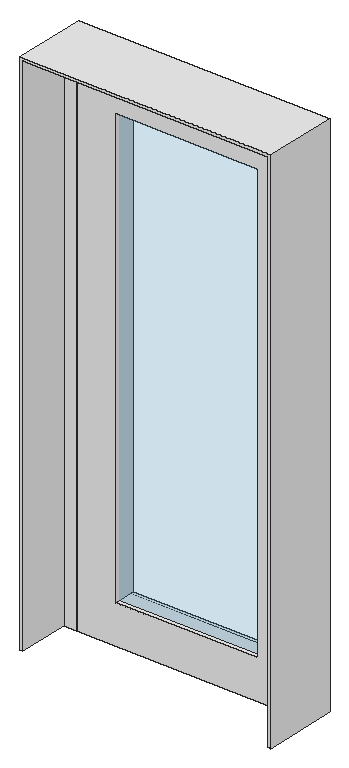
Revit family "Doorset_Emergency Exit Door with Escape Control Alarm_ASSA ABLOY DE_Hardware Light", category Doors, host Wall, Revit 2015
Parameters (values of type "900 x 2110 mm (1000 x 2160 mm)")
  Uniclass 2.0 Description = "Doorsets"
  Uniclass 2.0 Code = "PR-59-23"
  Uniclass 1.4 Description = "Doors"
  Uniclass 1.4 Code = "L411"
  URL = "http://www.assaabloy.de/de/local/de/bim-spezifikationen/bim-tuerloesungen/bim/notausgangstuer-mit-fluchttuerueberwachung-de09/"
  Type Comments = "900 x 2110 mm (1000 x 2160 mm)"
  Thickness Constraint = if(Thickness < Minimum Thickness, Minimum Thickness, if(Thickness > Maximum Thickness, Maximum Thickness, Thickness))  # 90 mm
  Thickness = 90 mm
  Rough Width = Width + 24 mm  # 1024 mm
  Rough Height = Height + 12 mm  # 2172 mm
  Region Europe = "DE"
  Provider = "ASSA ABLOY DE"  # constant formula
  Product Guid = "c7f00f5c-4d04-4900-b7e4-f101e5518ac1"
  Panic and Exit Devices = "1x EXITalarm_7411-10_Effeff"  # constant formula
  Panel Width = Width - (2 mm * 50)  # 900 mm
  Panel Material = Steel/Aluminium
  Panel Height = Height - 50 mm  # 2110 mm
  OmniClass Title = "Doors"
  OmniClass Number = "23-17 11 00"
  Name = "Emergency Exit Door w/ Escape Control Alarm"  # constant formula
  NBS Reference Description = "Doorsets"
  NBS Reference Code = "59-23"
  Model = "Doorset_Emergency Exit Door w/ Escape Control Alarm_ASSA ABLOY DE_Hardware Light"  # constant formula
  Minimum Thickness = 38 mm  # constant formula
  Minimum Door Width = 900 mm  # constant formula
  Minimum Door Height = 2110 mm  # constant formula
  Maximum Thickness = 105 mm  # constant formula
  Maximum Door Width = 1500 mm  # constant formula
  Maximum Door Height = 3750 mm  # constant formula
  Manufacturer = "ASSA ABLOY"  # constant formula
  Locksets = "1x Security Panic Lock_OneSystem_ASSA ABLOY"  # constant formula
  IFC Classification = "Door"
  Hardware Set = "ES1-ML-PE-ET-DC-DE09"  # constant formula
  Function = Exterior
  Height = if(Frame Height < Minimum Door Height, Minimum Door Height + 50 mm, if(Frame Height > Maximum Door Height, Maximum Door Height + 50 mm, Frame Height))  # 2160 mm
  Wall Closure = By host
  Width = if(Frame Width < Minimum Door Width, Minimum Door Width + 100 mm, if(Frame Width > Maximum Door Width, Maximum Door Width + 100 mm, Frame Width))  # 1000 mm
  Frame Width = 1000 mm
  Frame Material = Steel/Aluminium
  Frame Height = 2160 mm
  Frame Depth [instance] = Thickness Constraint  # 90 mm
  Edition number = 1
  Door Width [instance] = 1000 mm
  Door Height [instance] = 2160 mm
  Door Closers = "1x Door Closer DC700 with guide rail_Cam-Motion®_ASSA ABLOY"  # constant formula
  Description = "Self Closing Door with Escape route technology"  # constant formula
  Date of publishing = "22.09.2016"
  Contact Provider = "www.assaabloy.de/kontakt-tuerloesungen/"
  BIMobject Unique ref = "ES1-ML-PE-ET-DC-DE09"
  BIMobject Product Page = "http://bimobject.com/assaabloy-de/product/es1-ml-pe-et-dc-de09"
  BIMobject Product Group = "Singe-Steel/Aluminium-Self Closing-Panic Device-Escape Route"
  BIMobject Product Family = "Exterior Door Solutions"
  BIMobject Instructions Video = "https://www.youtube.com/watch?v=BP0i_x6Tqq8&feature=youtu.be"
  BIMobject Brand = "ASSA ABLOY DE"
  Architectural Hardware = "1x Handle (inside) + Knob (outside)_OneSystem_ASSA ABLOY"  # constant formula
Types (8, lengths in mm): name | Type Comments | Rough Width | Rough Height | Panel Width | Panel Height | Height | Width | Frame Width | Frame Height | Door Width | Door Height
  (no name) | "900 x 2110 mm (1000 x 2160 mm)" | 1024 | 2172 | 900 | 2110 | 2160 | 1000 | 1000 | 2160 | 1000 | 2160
  900 x 2110 mm (1000 x 2160 mm) | "900 x 2110 mm (1000 x 2160 mm)" | 1024 | 2172 | 900 | 2110 | 2160 | 1000 | 1000 | 2160 | 1000 | 2160
  1000 x 2110 mm (1100 x 2160 mm) | "1000 x 2110 mm (1100 x 2160 mm)" | 1124 | 2172 | 1000 | 2110 | 2160 | 1100 | 1100 | 2160 | 1100 | 2160
  1000 x 2500 mm (1100 x 2550 mm) | "1000 x 2500 mm (1100 x 2550 mm)" | 1124 | 2562 | 1000 | 2500 | 2550 | 1100 | 1100 | 2550 | 1100 | 2550
  1000 x 3750 mm (1100 x 3800 mm) | "1000 x 3750 mm (1100 x 3800 mm)" | 1124 | 3812 | 1000 | 3750 | 3800 | 1100 | 1100 | 3800 | 1100 | 3800
  1300 x 2500 mm (1400 x 2550 mm) | "1300 x 2500 mm (1400 x 2550 mm)" | 1424 | 2562 | 1300 | 2500 | 2550 | 1400 | 1400 | 2550 | 1400 | 2550
  1300 x 3750 mm (1400 x 3800 mm) | "1300 x 3750 mm (1400 x 3800 mm)" | 1424 | 3812 | 1300 | 3750 | 3800 | 1400 | 1400 | 3800 | 1400 | 3800
  1500 x 3750 mm (1600 x 3800 mm) | "1500 x 3750 mm (1600 x 3800 mm)" | 1624 | 3812 | 1500 | 3750 | 3800 | 1600 | 1600 | 3800 | 1600 | 3800
Reference planes
  plane 1: y = 0
  plane 2 "Center (Left/Right)": x = 0
  plane 3 "Exterior": y = 150
  plane 4 "Interior": y = -150
  plane 5: y = 60
  plane 6: x = -512
  plane 7: x = 512
  plane 8: z = 2172
  plane 9: x = -500
  plane 10: x = 500
  plane 11: z = 2160
  plane 12: x = -450
  plane 13: x = 450
  plane 14: z = 2110
  plane 15: x = -290
  plane 16: x = 290
  plane 17: z = 1950
  plane 18: z = 160
  plane 19: y = 135
  plane 20: y = 75
  plane 21: z = 1055
  plane 22: y = 1174
  plane 23: y = 1050
  plane 24: x = 360
  plane 25: x = -415
  plane 26: x = 385.5
  plane 27: x = -367.345
Forms (mm)
  Extrusion 1, solid, material "Steel/Aluminium" <- "Frame Material"
    sketch origin (0, 150, 0) x (1, 0, 0) y (0, 0, 1)
      loop
        line (-500, 2160) -> (-500, 0) -> (-450, 0) -> (-450, 2110) -> (450, 2110) -> (450, 0) -> (500, 0) -> (500, 2160) -> (-500, 2160)
    from 0 to 90
  Extrusion 2, solid, material "Steel/Aluminium" <- "Panel Material"
    sketch origin (0, -150, 0) x (1, 0, 0) y (0, 0, 1)
      loop
        line (450, 2110) -> (-450, 2110) -> (-450, 0) -> (450, 0) -> (450, 2110)
      loop
        line (290, 1950) -> (-290, 1950) -> (-290, 160) -> (290, 160) -> (290, 1950)
    from -300 to -210
  Extrusion 3, solid, material "Door Glass"
    sketch origin (0, -150, 0) x (1, 0, 0) y (0, 0, 1)
      loop
        line (290, 1950) -> (-290, 1950) -> (-290, 160) -> (290, 160) -> (290, 1950)
    from -285 to -225
  Extrusion 4, solid, material "Steel/Aluminium" <- "Frame Material"
    sketch origin (0, 150, 0) x (1, 0, 0) y (0, 0, 1)
      loop
        line (512, 2172) -> (-512, 2172) -> (-512, 0) -> (-500, 0) -> (-500, 2160) -> (500, 2160) -> (500, 0) -> (512, 0) -> (512, 2172)
    from 0 to 300
Lines and regions (mm)
  Opening 1
    outline origin (-5000, -150, 0) x (1, 0, 0) y (0, 0, 1)
      loop
        line (4488, 2172) -> (4488, 0) -> (5512, 0) -> (5512, 2172) -> (4488, 2172)
  Masking region 1
    outline origin (512, 150, 2172) x (0, 0, -1) y (0, -1, 0)
      loop
        line (12, 0) -> (2172, 0) -> (2172, 90) -> (12, 90) -> (12, 0)
  Masking region 2
    outline origin (0, 0, 0) x (1, 0, 0) y (0, 1, 0)
      loop
        line (-512, 150) -> (-512, -150) -> (512, -150) -> (512, 150) -> (-512, 150)
  Masking region 3, detail levels medium
    outline origin (0, 0, 0) x (1, 0, 0) y (0, 1, 0)
      loop
        line (-500, 60) -> (-450, 60) -> (-450, 150) -> (-500, 150) -> (-500, 60)
      loop
        line (450, 150) -> (450, 60) -> (500, 60) -> (500, 150) -> (450, 150)
  Masking region 4, detail levels medium
    outline origin (0, 0, 0) x (1, 0, 0) y (0, 1, 0)
      loop
        line (450, 1050) -> (360, 1050) -> (360, 150) -> (450, 150) -> (450, 1050)
  Masking region 5, detail levels fine
    outline origin (0, 0, 0) x (1, 0, 0) y (0, 1, 0)
      loop
        line (450, 1050) -> (435, 1050) -> (435, 1040) -> (375, 1040) -> (375, 1030) -> (360, 1030) -> (360, 170) -> (375, 170) -> (375, 160) -> (435, 160) -> (435, 150) -> (450, 150) -> (450, 1050)
  Masking region 6, detail levels fine
    outline origin (0, 0, 0) x (1, 0, 0) y (0, 1, 0)
      loop
        line (-500, 150) -> (-500, 60) -> (-430, 60) -> (-430, 75) -> (-440, 75) -> (-440, 135) -> (-450, 135) -> (-450, 150) -> (-500, 150)
      loop
        line (500, 150) -> (450, 150) -> (450, 135) -> (440, 135) -> (440, 75) -> (430, 75) -> (430, 60) -> (500, 60) -> (500, 150)
  Masking region 7, detail levels fine
    outline origin (0, 0, 0) x (1, 0, 0) y (0, 1, 0)
      loop
        line (279.5, 949.019) -> (279.5, 900)
        arc (279.5, 900) -> (291.069, 872.069) -> (319, 860.5) r 39.5
        line (319, 860.5) -> (331, 860.5) -> (331, 879.5) -> (319, 879.5)
        arc (319, 879.5) -> (304.504, 885.504) -> (298.5, 900) r 20.5
        line (298.5, 900) -> (298.5, 949.019)
        arc (298.5, 949.019) -> (299.028, 953.031) -> (300.577, 956.769) r 15.5
        line (300.577, 956.769) -> (315.577, 982.75)
        arc (315.577, 982.75) -> (321.25, 988.423) -> (329, 990.5) r 15.5
        line (329, 990.5) -> (344, 990.5) -> (344, 983.5) -> (360, 983.5) -> (360, 1016.5) -> (344, 1016.5) -> (344, 1009.5) -> (329, 1009.5)
        arc (329, 1009.5) -> (311.75, 1004.878) -> (299.122, 992.25) r 34.5
        line (299.122, 992.25) -> (284.122, 966.269)
        arc (284.122, 966.269) -> (280.676, 957.948) -> (279.5, 949.019) r 34.5
  Masking region 8, detail levels fine
    outline origin (0, 0, 0) x (1, 0, 0) y (0, 1, 0)
      loop
        line (488.444, 989) -> (504.314, 973.13) -> (519.87, 988.686) -> (497.556, 1011) -> (466, 1011) -> (466, 1016.5) -> (450, 1016.5) -> (450, 983.5) -> (466, 983.5) -> (466, 989) -> (488.444, 989)
  Masking region 9, detail levels fine
    outline origin (0, 0, 0) x (1, 0, 0) y (0, 1, 0)
      loop
        arc (504.314, 973.13) -> (549.346, 943.654) -> (519.87, 988.686) r 27.491
        line (519.87, 988.686) -> (504.314, 973.13)
  Masking region 10, not visible, detail levels fine
    outline origin (0, 0, 0) x (1, 0, 0) y (0, 1, 0)
      loop
        line (279.5, 949.019) -> (279.5, 900)
        arc (279.5, 900) -> (291.069, 872.069) -> (319, 860.5) r 39.5
        line (319, 860.5) -> (331, 860.5) -> (331, 879.5) -> (319, 879.5)
        arc (319, 879.5) -> (304.504, 885.504) -> (298.5, 900) r 20.5
        line (298.5, 900) -> (298.5, 949.019)
        arc (298.5, 949.019) -> (299.028, 953.031) -> (300.577, 956.769) r 15.5
        line (300.577, 956.769) -> (315.577, 982.75)
        arc (315.577, 982.75) -> (321.25, 988.423) -> (329, 990.5) r 15.5
        line (329, 990.5) -> (344, 990.5) -> (344, 983.5) -> (360, 983.5) -> (360, 1016.5) -> (344, 1016.5) -> (344, 1009.5) -> (329, 1009.5)
        arc (329, 1009.5) -> (311.75, 1004.878) -> (299.122, 992.25) r 34.5
        line (299.122, 992.25) -> (284.122, 966.269)
        arc (284.122, 966.269) -> (280.676, 957.948) -> (279.5, 949.019) r 34.5
  Masking region 11, not visible, detail levels fine
    outline origin (0, 0, 0) x (1, 0, 0) y (0, 1, 0)
      loop
        line (488.444, 989) -> (504.314, 973.13) -> (519.87, 988.686) -> (497.556, 1011) -> (466, 1011) -> (466, 1016.5) -> (450, 1016.5) -> (450, 983.5) -> (466, 983.5) -> (466, 989) -> (488.444, 989)
  Masking region 12, not visible, detail levels fine
    outline origin (0, 0, 0) x (1, 0, 0) y (0, 1, 0)
      loop
        arc (504.314, 973.13) -> (549.346, 943.654) -> (519.87, 988.686) r 27.491
        line (519.87, 988.686) -> (504.314, 973.13)
  Masking region 13, detail levels fine
    outline origin (0, 0, 0) x (0, 1, 0) y (0, 0, 1)
      loop
        line (60, 2110) -> (60, 2132.942) -> (16.334, 2132.942) -> (16.334, 2110) -> (28.339, 2110) -> (28.339, 2107.15) -> (19.3, 2107.15) -> (19.3, 2093.5) -> (3, 2093.5) -> (3, 2064) -> (4, 2064) -> (4, 2059) -> (3, 2059) -> (3, 2029.5) -> (60, 2029.5) -> (60, 2093.5) -> (41.3, 2093.5) -> (41.3, 2102.15) -> (50.332, 2102.15) -> (50.332, 2110) -> (60, 2110)
  Masking region 14, not visible, detail levels fine
    outline origin (0, 0, 0) x (0, 1, 0) y (0, 0, 1)
      loop
        line (60, 2110) -> (60, 2132.942) -> (16.334, 2132.942) -> (16.334, 2110) -> (28.339, 2110) -> (28.339, 2107.15) -> (19.3, 2107.15) -> (19.3, 2093.5) -> (3, 2093.5) -> (3, 2064) -> (4, 2064) -> (4, 2059) -> (3, 2059) -> (3, 2029.5) -> (60, 2029.5) -> (60, 2093.5) -> (41.3, 2093.5) -> (41.3, 2102.15) -> (50.332, 2102.15) -> (50.332, 2110) -> (60, 2110)
  Masking region 15, detail levels fine
    outline origin (0, 0, 0) x (0, 1, 0) y (0, 0, 1)
      loop
        line (60, 1155) -> (44, 1155) -> (44, 1059.5) -> (-11, 1059.5)
        arc (-11, 1059.5) -> (-20.5, 1050) -> (-11, 1040.5) r 9.5
        line (-11, 1040.5) -> (44, 1040.5) -> (44, 900) -> (60, 900) -> (60, 1155)
  Masking region 16, not visible, detail levels fine
    outline origin (0, 0, 0) x (0, 1, 0) y (0, 0, 1)
      loop
        line (60, 1155) -> (44, 1155) -> (44, 1059.5) -> (-11, 1059.5)
        arc (-11, 1059.5) -> (-20.5, 1050) -> (-11, 1040.5) r 9.5
        line (-11, 1040.5) -> (44, 1040.5) -> (44, 900) -> (60, 900) -> (60, 1155)
  Masking region 17, detail levels fine
    outline origin (0, 0, 0) x (0, 1, 0) y (0, 0, 1)
      loop
        line (150, 1155) -> (150, 900) -> (166, 900) -> (166, 1040.5) -> (204.75, 1040.5)
        arc (204.75, 1040.5) -> (257.21, 1050) -> (204.75, 1059.5) r 27.09
        line (204.75, 1059.5) -> (166, 1059.5) -> (166, 1155) -> (150, 1155)
  Masking region 18, not visible, detail levels fine
    outline origin (0, 0, 0) x (0, 1, 0) y (0, 0, 1)
      loop
        line (150, 1155) -> (150, 900) -> (166, 900) -> (166, 1040.5) -> (204.75, 1040.5)
        arc (204.75, 1040.5) -> (257.21, 1050) -> (204.75, 1059.5) r 27.09
        line (204.75, 1059.5) -> (166, 1059.5) -> (166, 1155) -> (150, 1155)
  Masking region 19, detail levels fine
    outline origin (0, 0, 0) x (0, 1, 0) y (0, 0, 1)
      loop
        line (36.706, 1040.5) -> (-5.5, 1040.5) -> (-5.5, 932.826)
        arc (-5.5, 932.826) -> (-9.236, 927.753) -> (-10.559, 921.593) r 15
        line (-10.559, 921.593) -> (-10.559, 762.058)
        arc (-10.559, 762.058) -> (-6.349, 751.638) -> (3.917, 747.067) r 15
        line (3.917, 747.067) -> (60, 745.109) -> (60, 900) -> (44, 900) -> (44, 938.304) -> (36.706, 938.304) -> (36.706, 1040.5)
  Masking region 20, not visible, detail levels fine
    outline origin (0, 0, 0) x (0, 1, 0) y (0, 0, 1)
      loop
        line (36.706, 1040.5) -> (-5.5, 1040.5) -> (-5.5, 932.826)
        arc (-5.5, 932.826) -> (-9.236, 927.753) -> (-10.559, 921.593) r 15
        line (-10.559, 921.593) -> (-10.559, 762.058)
        arc (-10.559, 762.058) -> (-6.349, 751.638) -> (3.917, 747.067) r 15
        line (3.917, 747.067) -> (60, 745.109) -> (60, 900) -> (44, 900) -> (44, 938.304) -> (36.706, 938.304) -> (36.706, 1040.5)
  symbolic lines, style "Elevation Swing"
    curve 1: line (450, -150, 2110) -> (-450, -150, 1055)
    curve 2: line (-450, -150, 1055) -> (450, -150, 0)
  symbolic lines, style "Doors", detail levels medium+fine
    curve 3: line (512, 60, 2110) -> (512, 150, 2110)
    curve 4: line (512, 60, 1950) -> (512, 150, 1950)
    curve 5: line (512, 60, 160) -> (512, 150, 160)
  symbolic lines, style "Doors", detail levels fine
    curve 6: line (512, 105, 1950) -> (512, 105, 160)
  symbolic lines, style "DoorsPanelProjection", detail levels coarse
    curve 7: line (512, 1174, 0) -> (512, 150, 0)
  symbolic lines, style "Plan Swing", detail levels coarse
    curve 8: arc (-512, 150, 0) -> (-212.077, 874.077, 0) -> (512, 1174, 0) r 1024
  symbolic lines, detail levels fine
    curve 9: line (450, 150, 0) -> (-450, 150, 0)
    curve 10: line (-450, 60, 0) -> (450, 60, 0)
    curve 12: line (344, 1009.5, 0) -> (344, 990.5, 0)
    curve 13: line (466, 1011, 0) -> (466, 989, 0)
    curve 16: line (0, 28.339, 2110) -> (0, 50.332, 2110)
    curve 17: line (0, 28.339, 2107.15) -> (0, 50.335, 2107.15)
    curve 18: line (0, 41.297, 2102.15) -> (0, 19.303, 2102.15)
    curve 19: line (0, 19.3, 2093.5) -> (0, 41.3, 2093.5)
    curve 20: line (0, 45, 2078.5) -> (0, 60, 2078.5)
    curve 21: line (0, 60, 2073.5) -> (0, 45, 2073.5)
    curve 22: line (0, 45, 2049.5) -> (0, 60, 2049.5)
    curve 23: line (0, 60, 2044.5) -> (0, 45, 2044.5)
    curve 24: arc (0, 45, 2049.5) -> (0, 33, 2061.5) -> (0, 45, 2073.5) r 12
    curve 25: arc (0, 28.185, 2059) -> (0, 33.898, 2048.626) -> (0, 45, 2044.5) r 17
    curve 26: line (0, 28.185, 2059) -> (0, 4, 2059)
    curve 27: line (0, 4, 2064) -> (0, 28.185, 2064)
    curve 28: arc (0, 45, 2078.5) -> (0, 33.898, 2074.374) -> (0, 28.185, 2064) r 17
    curve 42: line (0, 44, 1059.5) -> (0, 44, 1040.5)
    curve 44: line (0, 166, 1059.5) -> (0, 166, 1040.5)
    curve 45: arc (0, 204.75, 1040.5) -> (0, 203.03, 1050) -> (0, 204.75, 1059.5) r 27.09
    curve 48: line (0, 36.706, 938.304) -> (0, -5.5, 932.826)
  symbolic lines, style "Plan Swing", detail levels medium+fine
    curve 11: arc (-450, 150, 0) -> (-186.396, 786.396, 0) -> (450, 1050, 0) r 900
  symbolic lines, not visible, detail levels fine
    curve 14: line (344, 1009.5, 0) -> (344, 990.5, 0)
    curve 15: line (466, 1011, 0) -> (466, 989, 0)
    curve 29: line (0, 28.339, 2110) -> (0, 50.332, 2110)
    curve 30: line (0, 28.339, 2107.15) -> (0, 50.335, 2107.15)
    curve 31: line (0, 41.297, 2102.15) -> (0, 19.303, 2102.15)
    curve 32: line (0, 19.3, 2093.5) -> (0, 41.3, 2093.5)
    curve 33: line (0, 45, 2078.5) -> (0, 60, 2078.5)
    curve 34: line (0, 60, 2073.5) -> (0, 45, 2073.5)
    curve 35: line (0, 45, 2049.5) -> (0, 60, 2049.5)
    curve 36: line (0, 60, 2044.5) -> (0, 45, 2044.5)
    curve 37: arc (0, 45, 2049.5) -> (0, 33, 2061.5) -> (0, 45, 2073.5) r 12
    curve 38: arc (0, 28.185, 2059) -> (0, 33.898, 2048.626) -> (0, 45, 2044.5) r 17
    curve 39: line (0, 28.185, 2059) -> (0, 4, 2059)
    curve 40: line (0, 4, 2064) -> (0, 28.185, 2064)
    curve 41: arc (0, 45, 2078.5) -> (0, 33.898, 2074.374) -> (0, 28.185, 2064) r 17
    curve 43: line (0, 44, 1059.5) -> (0, 44, 1040.5)
    curve 46: line (0, 166, 1059.5) -> (0, 166, 1040.5)
    curve 47: arc (0, 204.75, 1040.5) -> (0, 203.03, 1050) -> (0, 204.75, 1059.5) r 27.09
    curve 49: line (0, 36.706, 938.304) -> (0, -5.5, 932.826)
  model lines, style "Assa Abloy Hardware", detail levels fine
    curve 50: line (-118, 60, 2133) -> (385.5, 60, 2133)
    curve 51: line (-118, 60, 2110) -> (-118, 60, 2133)
    curve 52: line (385.5, 60, 2110) -> (-118, 60, 2110)
    curve 53: line (385.5, 60, 2133) -> (385.5, 60, 2110)
    curve 54: line (-83.888, 60, 2102.15) -> (308, 60, 2102.15)
    curve 55: line (308, 60, 2107.15) -> (308, 60, 2093.5)
    curve 56: line (308, 60, 2107.15) -> (-83.888, 60, 2107.15)
    curve 57: line (-83.888, 60, 2102.15) -> (-83.888, 60, 2110)
    curve 58: line (-61.925, 60, 2110) -> (-61.925, 60, 2107.15)
    curve 59: line (285.833, 60, 2102.15) -> (285.833, 60, 2093.5)
    curve 60: line (115.5, 60, 2093.5) -> (385.5, 60, 2093.5)
    curve 61: line (115.5, 60, 2029.5) -> (115.5, 60, 2093.5)
    curve 62: line (385.5, 60, 2029.5) -> (115.5, 60, 2029.5)
    curve 63: line (385.5, 60, 2093.5) -> (385.5, 60, 2029.5)
    curve 64: line (115.5, 60, 2064) -> (385.5, 60, 2064)
    curve 65: line (385.5, 60, 2059) -> (115.5, 60, 2059)
    curve 66: line (116.5, 60, 2064) -> (116.5, 60, 2059)
    curve 67: line (384.5, 60, 2064) -> (384.5, 60, 2059)
    curve 86: line (-431.5, 60, 916.5) -> (-431.5, 60, 1138.5)
    curve 87: arc (-431.5, 60, 1138.5) -> (-415, 60, 1155) -> (-398.5, 60, 1138.5) r 16.5
    curve 88: line (-398.5, 60, 1138.5) -> (-398.5, 60, 1059.5)
    curve 89: line (-398.5, 60, 1040.5) -> (-398.5, 60, 916.5)
    curve 90: arc (-398.5, 60, 916.5) -> (-415, 60, 900) -> (-431.5, 60, 916.5) r 16.5
    curve 91: arc (-415, 60, 1059.5) -> (-424.5, 60, 1050) -> (-415, 60, 1040.5) r 9.5
    curve 92: arc (-285, 60, 1059.5) -> (-275.5, 60, 1050) -> (-285, 60, 1040.5) r 9.5
    curve 93: line (-415, 60, 1059.5) -> (-285, 60, 1059.5)
    curve 94: line (-285, 60, 1040.5) -> (-415, 60, 1040.5)
    curve 95: line (-396.122, 60, 745.109) -> (-338.568, 60, 745.109)
    curve 96: line (-338.568, 60, 745.109) -> (-338.568, 60, 938.304)
    curve 97: line (-338.568, 60, 938.304) -> (-348.499, 60, 938.304)
    curve 98: line (-358.586, 60, 938.304) -> (-396.122, 60, 938.304)
    curve 99: line (-396.122, 60, 938.304) -> (-396.122, 60, 745.109)
    curve 100: line (-359.223, 60, 933.461) -> (-349.137, 60, 933.461)
    curve 101: line (-349.137, 60, 933.461) -> (-346.126, 60, 956.331)
    curve 102: line (-346.126, 60, 956.331) -> (-275.5, 60, 1040.5)
    curve 103: line (-275.5, 60, 1040.5) -> (-285, 60, 1040.5)
    curve 104: line (-293.649, 60, 1037.539) -> (-285, 60, 1040.5)
    curve 105: line (-293.649, 60, 1037.539) -> (-347.495, 60, 992.357)
    curve 106: arc (-352.724, 60, 982.825) -> (-351.004, 60, 988.081) -> (-347.495, 60, 992.357) r 15
    curve 107: line (-352.724, 60, 982.825) -> (-359.223, 60, 933.461)
    curve 108: line (-398.458, 150, 1138.5) -> (-398.458, 150, 1068.442)
    curve 109: arc (-398.458, 150, 1138.5) -> (-414.979, 150, 1155.021) -> (-431.5, 150, 1138.5) r 16.521
    curve 110: line (-431.5, 150, 1138.5) -> (-431.5, 150, 916.5)
    curve 111: arc (-431.5, 150, 916.5) -> (-414.983, 150, 899.983) -> (-398.466, 150, 916.5) r 16.517
    curve 112: line (-398.466, 150, 916.5) -> (-398.466, 150, 1031.546)
    curve 113: line (-415, 150, 1061.025) -> (-403.274, 150, 1061.025)
    curve 114: circle (-378.161, 150, 1049.99) r 27.431 normal (0, 1, 0)
    curve 115: line (-415, 150, 1039) -> (-403.294, 150, 1039)
    curve 116: arc (-415, 150, 1061.025) -> (-426.013, 150, 1050.013) -> (-415, 150, 1039) r 11.013
  model lines, style "Assa Abloy Hardware", not visible, detail levels fine
    curve 68: line (-118, 60, 2133) -> (385.5, 60, 2133)
    curve 69: line (-118, 60, 2110) -> (-118, 60, 2133)
    curve 70: line (385.5, 60, 2110) -> (-118, 60, 2110)
    curve 71: line (385.5, 60, 2133) -> (385.5, 60, 2110)
    curve 72: line (-83.888, 60, 2102.15) -> (308, 60, 2102.15)
    curve 73: line (308, 60, 2107.15) -> (308, 60, 2093.5)
    curve 74: line (308, 60, 2107.15) -> (-83.888, 60, 2107.15)
    curve 75: line (-83.888, 60, 2102.15) -> (-83.888, 60, 2110)
    curve 76: line (-61.925, 60, 2110) -> (-61.925, 60, 2107.15)
    curve 77: line (285.833, 60, 2102.15) -> (285.833, 60, 2093.5)
    curve 78: line (115.5, 60, 2093.5) -> (385.5, 60, 2093.5)
    curve 79: line (115.5, 60, 2029.5) -> (115.5, 60, 2093.5)
    curve 80: line (385.5, 60, 2029.5) -> (115.5, 60, 2029.5)
    curve 81: line (385.5, 60, 2093.5) -> (385.5, 60, 2029.5)
    curve 82: line (115.5, 60, 2064) -> (385.5, 60, 2064)
    curve 83: line (385.5, 60, 2059) -> (115.5, 60, 2059)
    curve 84: line (116.5, 60, 2064) -> (116.5, 60, 2059)
    curve 85: line (384.5, 60, 2064) -> (384.5, 60, 2059)
    curve 117: line (-431.5, 60, 916.5) -> (-431.5, 60, 1138.5)
    curve 118: arc (-431.5, 60, 1138.5) -> (-415, 60, 1155) -> (-398.5, 60, 1138.5) r 16.5
    curve 119: line (-398.5, 60, 1138.5) -> (-398.5, 60, 1059.5)
    curve 120: line (-398.5, 60, 1040.5) -> (-398.5, 60, 916.5)
    curve 121: arc (-398.5, 60, 916.5) -> (-415, 60, 900) -> (-431.5, 60, 916.5) r 16.5
    curve 122: arc (-415, 60, 1059.5) -> (-424.5, 60, 1050) -> (-415, 60, 1040.5) r 9.5
    curve 123: arc (-285, 60, 1059.5) -> (-275.5, 60, 1050) -> (-285, 60, 1040.5) r 9.5
    curve 124: line (-415, 60, 1059.5) -> (-285, 60, 1059.5)
    curve 125: line (-285, 60, 1040.5) -> (-415, 60, 1040.5)
    curve 126: line (-398.458, 150, 1138.5) -> (-398.458, 150, 1068.442)
    curve 127: arc (-398.458, 150, 1138.5) -> (-414.979, 150, 1155.021) -> (-431.5, 150, 1138.5) r 16.521
    curve 128: line (-431.5, 150, 1138.5) -> (-431.5, 150, 916.5)
    curve 129: arc (-431.5, 150, 916.5) -> (-414.983, 150, 899.983) -> (-398.466, 150, 916.5) r 16.517
    curve 130: line (-398.466, 150, 916.5) -> (-398.466, 150, 1031.546)
    curve 131: line (-415, 150, 1061.025) -> (-403.274, 150, 1061.025)
    curve 132: circle (-378.161, 150, 1049.99) r 27.431 normal (0, 1, 0)
    curve 133: line (-415, 150, 1039) -> (-403.294, 150, 1039)
    curve 134: arc (-415, 150, 1061.025) -> (-426.013, 150, 1050.013) -> (-415, 150, 1039) r 11.013
    curve 135: line (-396.122, 60, 745.109) -> (-338.568, 60, 745.109)
    curve 136: line (-338.568, 60, 745.109) -> (-338.568, 60, 938.304)
    curve 137: line (-338.568, 60, 938.304) -> (-348.499, 60, 938.304)
    curve 138: line (-358.586, 60, 938.304) -> (-396.122, 60, 938.304)
    curve 139: line (-396.122, 60, 938.304) -> (-396.122, 60, 745.109)
    curve 140: line (-359.223, 60, 933.461) -> (-349.137, 60, 933.461)
    curve 141: line (-349.137, 60, 933.461) -> (-346.126, 60, 956.331)
    curve 142: line (-346.126, 60, 956.331) -> (-275.5, 60, 1040.5)
    curve 143: line (-275.5, 60, 1040.5) -> (-285, 60, 1040.5)
    curve 144: line (-293.649, 60, 1037.539) -> (-285, 60, 1040.5)
    curve 145: line (-293.649, 60, 1037.539) -> (-347.495, 60, 992.357)
    curve 146: arc (-352.724, 60, 982.825) -> (-351.004, 60, 988.081) -> (-347.495, 60, 992.357) r 15
    curve 147: line (-352.724, 60, 982.825) -> (-359.223, 60, 933.461)
Text (mm)
  text "Exterior" at (-2582.17, 525.235, 0), in view "Ref. Level"
  text "Exterior" at (0, 1615.38, 3698.081), in view "Left"
  text "Exterior" at (0, 1036.032, 3874.932), in view "Right"
Dimensions and locks
  locked: plane 3 "Exterior" to host wall at 0
  locked: plane 4 "Interior" to host wall
  "Thickness Constraint": plane 5 to plane 3 "Exterior"
  equal spacing: plane 7, plane 2 "Center (Left/Right)", plane 6
  "Rough Width": plane 7 to plane 6
  "Rough Height": plane 8 to level
  plane 12 to plane 9 to plane 6 = 50 mm locked, 12 mm locked
  plane 13 to plane 10 to plane 7 = 50 mm locked, 12 mm locked
  plane 8 to plane 11 to plane 14 = 12 mm locked, 50 mm locked
  locked: plane 18 to level at 160
  locked: plane 14 to plane 17 at 160
  locked: plane 15 to plane 12 at 160
  locked: plane 16 to plane 13 at 160
  locked: plane 19 to plane 3 "Exterior" at 15
  locked: plane 20 to plane 5 at 15
  equal spacing: plane 17, plane 21, plane 18
  "Door Width": plane 10 to plane 9
  "Door Height": plane 11 to level
  equal spacing: plane 3 "Exterior", curve 6, plane 5
  "Rough Width": plane 3 "Exterior" to plane 22
  "Panel Width": plane 3 "Exterior" to plane 23
  "Thickness Constraint": plane 24 to plane 13
  locked: plane 25 to plane 12 at 35
  locked: plane 26 to plane 13 at 64.5
  locked: plane 27 to plane 12 at 82.655
  locked: plane 23 to Masking region 8 at 39
  locked: plane 23 to Masking region 7 at 40.5
  locked: Masking region 17 to plane 18 at 880.5
  locked: Masking region 15 to plane 18 at 880.5
  locked: Masking region 19 to plane 18 at 880.5
  locked: plane 25 to curve 86 at 16.5
  locked: plane 27 to curve 99 at 28.777
  locked: curve 94 to plane 18 at 880.5
  locked: curve 95 to plane 18 at 585.109
  aligned and locked: plane 1 to host wall
  aligned and locked: Opening 1 sketch curve to plane 8
  aligned and locked: Opening 1 sketch curve to plane 6
  aligned and locked: plane 7 to Opening 1 sketch curve
  aligned and locked: Opening 1 sketch curve to level
  aligned and locked: plane 11 to Extrusion 1 sketch curve
  aligned and locked: plane 14 to Extrusion 1 sketch curve
  aligned and locked: plane 12 to Extrusion 1 sketch curve
  aligned and locked: plane 9 to Extrusion 1 sketch curve
  aligned and locked: Extrusion 1 sketch curve to plane 13
  aligned and locked: Extrusion 1 sketch curve to plane 10
  aligned and locked: level to Extrusion 1 sketch curve  (x2)
  aligned and locked: Extrusion 1 to plane 3 "Exterior"
  aligned and locked: Extrusion 1 to plane 5
  aligned and locked: Extrusion 2 sketch curve to plane 14
  aligned and locked: Extrusion 2 sketch curve to plane 17
  aligned and locked: plane 13 to Extrusion 2 sketch curve
  aligned and locked: plane 16 to Extrusion 2 sketch curve
  aligned and locked: Extrusion 2 sketch curve to plane 15
  aligned and locked: Extrusion 2 sketch curve to plane 12
  aligned and locked: plane 18 to Extrusion 2 sketch curve
  aligned and locked: Extrusion 2 sketch curve to level
  aligned and locked: Extrusion 2 to plane 3 "Exterior"
  aligned and locked: Extrusion 2 to plane 5
  aligned and locked: Extrusion 3 sketch curve to plane 17
  aligned and locked: plane 16 to Extrusion 3 sketch curve
  aligned and locked: Extrusion 3 sketch curve to plane 15
  aligned and locked: plane 18 to Extrusion 3 sketch curve
  aligned and locked: Extrusion 3 to plane 19
  aligned and locked: Extrusion 3 to plane 20
  aligned and locked: Masking region 1 sketch curve to level
  aligned and locked: Masking region 1 sketch curve to plane 3 "Exterior"
  aligned and locked: curve 3 to plane 14
  aligned and locked: curve 4 to plane 17
  aligned and locked: plane 18 to curve 5
  aligned and locked: plane 3 "Exterior" to curve 4
  aligned and locked: plane 3 "Exterior" to curve 5
  aligned and locked: plane 3 "Exterior" to curve 3
  aligned and locked: plane 5 to curve 5
  aligned and locked: plane 5 to curve 4
  aligned and locked: plane 17 to curve 6
  aligned and locked: plane 18 to curve 6
  aligned and locked: plane 7 to curve 7
  aligned and locked: plane 3 "Exterior" to curve 7
  aligned and locked: plane 22 to curve 7
  aligned and locked: Masking region 2 sketch curve to plane 6
  aligned and locked: plane 7 to Masking region 2 sketch curve
  aligned and locked: Masking region 2 sketch curve to plane 3 "Exterior"
  aligned and locked: Masking region 2 sketch curve to plane 4 "Interior"
  aligned and locked: Masking region 3 sketch curve to plane 5  (x2)
  aligned and locked: Masking region 3 sketch curve to plane 3 "Exterior"  (x2)
  aligned and locked: Masking region 3 sketch curve to plane 12
  aligned and locked: Masking region 3 sketch curve to plane 9
  aligned and locked: plane 13 to Masking region 3 sketch curve
  aligned and locked: plane 10 to Masking region 3 sketch curve
  aligned and locked: plane 13 to Masking region 4 sketch curve
  aligned and locked: Masking region 4 sketch curve to plane 24
  aligned and locked: Masking region 4 sketch curve to plane 23
  aligned and locked: Masking region 4 sketch curve to plane 3 "Exterior"
  aligned and locked: plane 13 to Masking region 5 sketch curve
  aligned and locked: Masking region 5 sketch curve to plane 24
  aligned and locked: Masking region 5 sketch curve to plane 23
  aligned and locked: Masking region 5 sketch curve to plane 3 "Exterior"
  aligned and locked: Masking region 6 sketch curve to plane 9
  aligned and locked: Masking region 6 sketch curve to plane 12
  aligned and locked: Masking region 6 sketch curve to plane 19
  aligned and locked: Masking region 6 sketch curve to plane 20
  aligned and locked: Masking region 6 sketch curve to plane 5  (x2)
  aligned and locked: Masking region 6 sketch curve to plane 3 "Exterior"  (x2)
  aligned and locked: plane 10 to Masking region 6 sketch curve
  aligned and locked: plane 13 to Masking region 6 sketch curve
  aligned and locked: plane 19 to Masking region 6 sketch curve
  aligned and locked: plane 20 to Masking region 6 sketch curve
  aligned and locked: curve 9 to plane 3 "Exterior"
  aligned and locked: curve 10 to plane 5
  aligned and locked: plane 12 to curve 10
  aligned and locked: plane 12 to curve 9
  aligned and locked: plane 13 to curve 10
  aligned and locked: plane 13 to curve 9
  aligned and locked: plane 5 to Masking region 1 sketch curve
  aligned and locked: plane 11 to Masking region 1 sketch curve
  aligned and locked: plane 8 to Extrusion 4 sketch curve
  aligned and locked: plane 11 to Extrusion 4 sketch curve
  aligned and locked: Extrusion 4 sketch curve to plane 7
  aligned and locked: Extrusion 4 sketch curve to plane 10
  aligned and locked: plane 9 to Extrusion 4 sketch curve
  aligned and locked: plane 6 to Extrusion 4 sketch curve
  aligned and locked: level to Extrusion 4 sketch curve  (x2)
  aligned and locked: Extrusion 4 to plane 3 "Exterior"
  aligned and locked: plane 4 "Interior" to Extrusion 4
  aligned and locked: plane 5 to curve 3
  aligned and locked: plane 24 to Masking region 7
  aligned and locked: plane 13 to Masking region 8
  aligned and locked: Masking region 13 to plane 14
  aligned and locked: Masking region 13 to plane 5
  aligned and locked: Masking region 15 to plane 5
  aligned and locked: Masking region 17 to plane 3 "Exterior"
  aligned and locked: Masking region 19 to plane 5
  aligned and locked: curve 63 to plane 26
  aligned and locked: curve 52 to plane 14
Automatic sketch dimensions
  curve 2 to plane 12 = 0 mm
  curve 2 to level = 0 mm
  plane 13 to curve 2 = 0 mm
  plane 13 to curve 1 = 0 mm
  curve 1 to plane 21 = 0 mm
  curve 1 to plane 14 = 0 mm
  plane 24 to Masking region 5 sketch curve = 15 mm  (x2)
  plane 13 to Masking region 5 sketch curve = 15 mm  (x2)
  host wall to Masking region 5 sketch curve = 10 mm
  Masking region 5 sketch curve to plane 23 = 20 mm
  Masking region 5 sketch curve to Masking region 5 sketch curve = 10 mm  (x2)
  Masking region 6 sketch curve to Masking region 6 sketch curve = 10 mm  (x2)
  Masking region 6 sketch curve to Masking region 6 sketch curve = 20 mm
  plane 13 to Masking region 6 sketch curve = 10 mm
  Masking region 7 sketch curve to Masking region 7 sketch curve = 0 mm  (x12)
  Masking region 7 sketch curve to Masking region 7 sketch curve = 16 mm  (x2)
  Masking region 7 sketch curve to Masking region 7 sketch curve = 15 mm  (x2)
  Masking region 7 sketch curve to Masking region 7 sketch curve = 12 mm
  Masking region 7 sketch curve to Masking region 7 sketch curve = 13.423 mm  (x2)
  Masking region 7 sketch curve to Masking region 7 sketch curve = 2.077 mm
  Masking region 7 sketch curve to Masking region 7 sketch curve = 49.019 mm
  Masking region 7 sketch curve to Masking region 7 sketch curve = 25.981 mm
  Masking region 7 sketch curve to Masking region 7 sketch curve = 7.75 mm
  Masking region 7 sketch curve to Masking region 7 sketch curve = 7 mm  (x2)
  Masking region 7 sketch curve to Masking region 7 sketch curve = 9.5 mm
  Masking region 8 sketch curve to Masking region 8 sketch curve = 10.37 mm
  Masking region 8 sketch curve to Masking region 8 sketch curve = 15.556 mm  (x2)
  Masking region 8 sketch curve to Masking region 8 sketch curve = 5.5 mm
  Masking region 9 sketch curve to Masking region 9 sketch curve = 10.037 mm
  curve 8 to host wall = 0 mm
  curve 11 to plane 13 = 0 mm
  Masking region 7 sketch curve to Masking region 7 sketch curve = 4.622 mm
  Masking region 7 sketch curve to Masking region 7 sketch curve = 19 mm
  Masking region 7 sketch curve to Masking region 7 sketch curve = 16.454 mm
  Masking region 7 sketch curve to Masking region 7 sketch curve = 20.5 mm
  Masking region 10 sketch curve to Masking region 10 sketch curve = 0 mm  (x12)
  Masking region 10 sketch curve to Masking region 10 sketch curve = 16 mm  (x2)
  Masking region 10 sketch curve to Masking region 10 sketch curve = 15 mm  (x2)
  Masking region 10 sketch curve to Masking region 10 sketch curve = 12 mm
  Masking region 10 sketch curve to Masking region 10 sketch curve = 13.423 mm  (x2)
  Masking region 10 sketch curve to Masking region 10 sketch curve = 2.077 mm
  Masking region 10 sketch curve to Masking region 10 sketch curve = 49.019 mm
  Masking region 10 sketch curve to Masking region 10 sketch curve = 25.981 mm
  Masking region 10 sketch curve to Masking region 10 sketch curve = 7.75 mm
  Masking region 10 sketch curve to Masking region 10 sketch curve = 7 mm  (x2)
  Masking region 10 sketch curve to Masking region 10 sketch curve = 9.5 mm
  Masking region 10 sketch curve to Masking region 10 sketch curve = 4.622 mm
  Masking region 10 sketch curve to Masking region 10 sketch curve = 19 mm
  Masking region 10 sketch curve to Masking region 10 sketch curve = 16.454 mm
  Masking region 10 sketch curve to Masking region 10 sketch curve = 20.5 mm
  Masking region 8 sketch curve to Masking region 8 sketch curve = 16 mm  (x2)
  Masking region 8 sketch curve to Masking region 8 sketch curve = 22.444 mm
  Masking region 8 sketch curve to Masking region 8 sketch curve = 9.113 mm
  Masking region 8 sketch curve to Masking region 8 sketch curve = 15.87 mm
  Masking region 9 sketch curve to Masking region 9 sketch curve = 15.556 mm
  Masking region 9 sketch curve to Masking region 9 sketch curve = 25.593 mm
  Masking region 11 sketch curve to Masking region 11 sketch curve = 10.37 mm
  Masking region 11 sketch curve to Masking region 11 sketch curve = 15.556 mm  (x2)
  Masking region 11 sketch curve to Masking region 11 sketch curve = 5.5 mm
  Masking region 12 sketch curve to Masking region 12 sketch curve = 10.037 mm
  Masking region 11 sketch curve to Masking region 11 sketch curve = 16 mm  (x2)
  Masking region 11 sketch curve to Masking region 11 sketch curve = 22.444 mm
  Masking region 11 sketch curve to Masking region 11 sketch curve = 9.113 mm
  Masking region 11 sketch curve to Masking region 11 sketch curve = 15.87 mm
  Masking region 12 sketch curve to Masking region 12 sketch curve = 15.556 mm
  Masking region 12 sketch curve to Masking region 12 sketch curve = 25.593 mm
  Masking region 13 sketch curve to Masking region 13 sketch curve = 0 mm  (x2)
  Masking region 13 sketch curve to Masking region 13 sketch curve = 1 mm
  Masking region 13 sketch curve to Masking region 13 sketch curve = 13.334 mm
  Masking region 13 sketch curve to Masking region 13 sketch curve = 16.3 mm
  Masking region 13 sketch curve to Masking region 13 sketch curve = 9.039 mm
  Masking region 13 sketch curve to Masking region 13 sketch curve = 12.961 mm
  Masking region 13 sketch curve to Masking region 13 sketch curve = 9.032 mm
  Masking region 13 sketch curve to Masking region 13 sketch curve = 9.668 mm
  Masking region 13 sketch curve to Masking region 13 sketch curve = 29.5 mm  (x2)
  Masking region 13 sketch curve to Masking region 13 sketch curve = 5 mm  (x2)
  Masking region 13 sketch curve to Masking region 13 sketch curve = 8.65 mm
  Masking region 13 sketch curve to Masking region 13 sketch curve = 2.85 mm
  Masking region 13 sketch curve to Masking region 13 sketch curve = 7.85 mm
  Masking region 13 sketch curve to Masking region 13 sketch curve = 22.942 mm
  Masking region 13 sketch curve to Masking region 13 sketch curve = 57 mm
  Masking region 14 sketch curve to Masking region 14 sketch curve = 0 mm  (x2)
  Masking region 14 sketch curve to Masking region 14 sketch curve = 1 mm
  Masking region 14 sketch curve to Masking region 14 sketch curve = 13.334 mm
  Masking region 14 sketch curve to Masking region 14 sketch curve = 16.3 mm
  Masking region 14 sketch curve to Masking region 14 sketch curve = 9.039 mm
  Masking region 14 sketch curve to Masking region 14 sketch curve = 12.961 mm
  Masking region 14 sketch curve to Masking region 14 sketch curve = 9.032 mm
  Masking region 14 sketch curve to Masking region 14 sketch curve = 9.668 mm
  Masking region 14 sketch curve to Masking region 14 sketch curve = 29.5 mm  (x2)
  Masking region 14 sketch curve to Masking region 14 sketch curve = 5 mm  (x2)
  Masking region 14 sketch curve to Masking region 14 sketch curve = 8.65 mm
  Masking region 14 sketch curve to Masking region 14 sketch curve = 2.85 mm
  Masking region 14 sketch curve to Masking region 14 sketch curve = 7.85 mm
  Masking region 14 sketch curve to Masking region 14 sketch curve = 22.942 mm
  Masking region 14 sketch curve to Masking region 14 sketch curve = 57 mm
  Masking region 15 sketch curve to Masking region 15 sketch curve = 55 mm
  Masking region 15 sketch curve to Masking region 15 sketch curve = 16 mm  (x2)
  Masking region 15 sketch curve to Masking region 15 sketch curve = 140.5 mm
  Masking region 15 sketch curve to Masking region 15 sketch curve = 95.5 mm
  Masking region 15 sketch curve to Masking region 15 sketch curve = 9.5 mm
  Masking region 16 sketch curve to Masking region 16 sketch curve = 55 mm
  Masking region 16 sketch curve to Masking region 16 sketch curve = 16 mm  (x2)
  Masking region 16 sketch curve to Masking region 16 sketch curve = 140.5 mm
  Masking region 16 sketch curve to Masking region 16 sketch curve = 95.5 mm
  Masking region 16 sketch curve to Masking region 16 sketch curve = 9.5 mm
  Masking region 17 sketch curve to Masking region 17 sketch curve = 16 mm
  Masking region 17 sketch curve to Masking region 17 sketch curve = 0 mm  (x2)
  Masking region 17 sketch curve to Masking region 17 sketch curve = 38.75 mm
  Masking region 17 sketch curve to Masking region 17 sketch curve = 25.37 mm
  Masking region 17 sketch curve to Masking region 17 sketch curve = 9.5 mm
  Masking region 17 sketch curve to Masking region 17 sketch curve = 95.5 mm
  Masking region 17 sketch curve to Masking region 17 sketch curve = 140.5 mm
  Masking region 18 sketch curve to Masking region 18 sketch curve = 16 mm
  Masking region 18 sketch curve to Masking region 18 sketch curve = 0 mm  (x2)
  Masking region 18 sketch curve to Masking region 18 sketch curve = 38.75 mm
  Masking region 18 sketch curve to Masking region 18 sketch curve = 25.37 mm
  Masking region 18 sketch curve to Masking region 18 sketch curve = 9.5 mm
  Masking region 18 sketch curve to Masking region 18 sketch curve = 95.5 mm
  Masking region 18 sketch curve to Masking region 18 sketch curve = 140.5 mm
  Masking region 19 sketch curve to Masking region 19 sketch curve = 1.958 mm
  Masking region 19 sketch curve to Masking region 19 sketch curve = 137.942 mm
  Masking region 19 sketch curve to Masking region 19 sketch curve = 21.593 mm
  Masking region 19 sketch curve to Masking region 19 sketch curve = 38.304 mm
  Masking region 19 sketch curve to Masking region 19 sketch curve = 5.059 mm
  Masking region 19 sketch curve to Masking region 19 sketch curve = 14.477 mm
  Masking region 19 sketch curve to Masking region 19 sketch curve = 9.941 mm
  Masking region 19 sketch curve to Masking region 19 sketch curve = 15 mm
  Masking region 19 sketch curve to Masking region 19 sketch curve = 32.265 mm
  Masking region 19 sketch curve to Masking region 19 sketch curve = 7.294 mm
  Masking region 19 sketch curve to Masking region 19 sketch curve = 56.083 mm
  Masking region 19 sketch curve to Masking region 19 sketch curve = 107.674 mm
  Masking region 20 sketch curve to Masking region 20 sketch curve = 1.958 mm
  Masking region 20 sketch curve to Masking region 20 sketch curve = 137.942 mm
  Masking region 20 sketch curve to Masking region 20 sketch curve = 21.593 mm
  Masking region 20 sketch curve to Masking region 20 sketch curve = 38.304 mm
  Masking region 20 sketch curve to Masking region 20 sketch curve = 5.059 mm
  Masking region 20 sketch curve to Masking region 20 sketch curve = 14.477 mm
  Masking region 20 sketch curve to Masking region 20 sketch curve = 9.941 mm
  Masking region 20 sketch curve to Masking region 20 sketch curve = 15 mm
  Masking region 20 sketch curve to Masking region 20 sketch curve = 32.265 mm
  Masking region 20 sketch curve to Masking region 20 sketch curve = 7.294 mm
  Masking region 20 sketch curve to Masking region 20 sketch curve = 56.083 mm
  Masking region 20 sketch curve to Masking region 20 sketch curve = 107.674 mm
